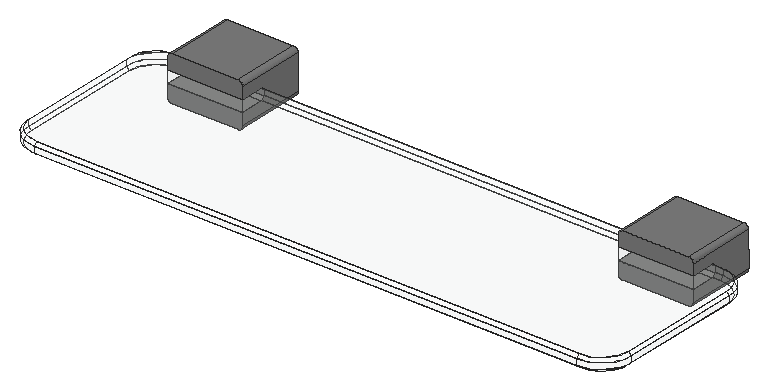
Revit family "RBA1631-606", category Plumbing Fixtures, Revit 2021
Family settings
  Round Connector Dimension = Use Diameter
  Part Type = Normal
  Work Plane-Based = No
  Always vertical = Yes
  Cut with Voids When Loaded = No
  Shared = Yes
  Room Calculation Point = No
Parameters
  Watermarked By = "www.rba.com.au"
  Waste Connection = yes
  Vent Connection = yes
  URL = ""
  Phone Number = ""
  Modified Issue = ""
  Model = "RBA1631-606"
  Materials and Finishes = PVD Gunmetal Finish Brass Bracket, Frosted Acrylic Shelf
  Manufacturer Model = ""
  Manufacturer = "RBA Group"  # constant formula
  HW Connection = yes
  Description = "ënda Accessible Compliant Shelf | PVD Gunmetal"
  Default Elevation = 0 mm
  Copyright by = "RBA Group"  # constant formula
  CW Connection = yes
Reference planes
  plane 1 "Center (Front/Back)": y = 0
  plane 2: z = 0
  plane 3 "Center (Left/Right)": x = 0
  plane 4: x = -141.15
  plane 5: x = -153.85
  plane 6: y = 147
Forms (mm)
  Extrusion 1, solid, material "Glass"
    sketch origin (0, 0, 95) x (1, 0, 0) y (0, 1, 0)
      loop
        arc (-177.5, 120) -> (-191.642, 114.142) -> (-197.5, 100) r 20
        line (-197.5, 100) -> (-197.5, 20)
        arc (-197.5, 20) -> (-191.642, 5.858) -> (-177.5, 0) r 20
        line (-177.5, 0) -> (177.5, 0)
        arc (177.5, 0) -> (191.642, 5.858) -> (197.5, 20) r 20
        line (197.5, 20) -> (197.5, 100)
        arc (197.5, 100) -> (191.642, 114.142) -> (177.5, 120) r 20
        line (177.5, 120) -> (-177.5, 120)
    from -99 to -91
  Sweep 2, void
    path origin (0, 0, 0) x (1, 0, 0) y (0, 1, 0)
      loop
        line (177.5, 120) -> (-177.5, 120)
        arc (-177.5, 120) -> (-191.642, 114.142) -> (-197.5, 100) r 20
        line (-197.5, 100) -> (-197.5, 20)
        arc (-197.5, 20) -> (-191.642, 5.858) -> (-177.5, 0) r 20
        line (-177.5, 0) -> (177.5, 0)
        arc (177.5, 0) -> (191.642, 5.858) -> (197.5, 20) r 20
        line (197.5, 20) -> (197.5, 100)
        arc (197.5, 100) -> (191.642, 114.142) -> (177.5, 120) r 20
    profile origin (0, 120, 0) x (0, -1, 0) y (0, 0, 1)
      loop
        line (2, 4) -> (-2.03, 4) -> (-2.03, -4) -> (2, -4) -> (0, -2) -> (0, 2) -> (2, 4)
  Extrusion 3, solid, material "PVD Gunmetal Finish Brass Bracket, Frosted Acrylic Shelf" <- "Materials and Finishes"
    sketch origin (0, 0, 0) x (1, 0, 0) y (0, 0, 1)
      loop
        line (-126, 14.5) -> (-169, 14.5)
        arc (-169, 14.5) -> (-171.121, 13.621) -> (-172, 11.5) r 3
        line (-172, 11.5) -> (-172, -11.5)
        arc (-172, -11.5) -> (-171.121, -13.621) -> (-169, -14.5) r 3
        line (-169, -14.5) -> (-126, -14.5)
        arc (-126, -14.5) -> (-123.879, -13.621) -> (-123, -11.5) r 3
        line (-123, -11.5) -> (-123, 11.5)
        arc (-123, 11.5) -> (-123.879, 13.621) -> (-126, 14.5) r 3
    from -147 to -102
  Extrusion 4, solid, material "PVD Gunmetal Finish Brass Bracket, Frosted Acrylic Shelf" <- "Materials and Finishes"
    sketch origin (0, 0, 0) x (-1, 0, 0) y (0, 0, -1)
      loop
        arc (-126, -14.5) -> (-123.879, -13.621) -> (-123, -11.5) r 3
        line (-123, -11.5) -> (-123, 11.5)
        arc (-123, 11.5) -> (-123.879, 13.621) -> (-126, 14.5) r 3
        line (-126, 14.5) -> (-169, 14.5)
        arc (-169, 14.5) -> (-171.121, 13.621) -> (-172, 11.5) r 3
        line (-172, 11.5) -> (-172, -11.5)
        arc (-172, -11.5) -> (-171.121, -13.621) -> (-169, -14.5) r 3
        line (-169, -14.5) -> (-126, -14.5)
    from -147 to -102
  Extrusion 5, void
    sketch origin (0, 0, 0) x (0, 1, 0) y (0, 0, 1)
      loop
        line (118, 4) -> (102, 4) -> (102, -4) -> (118, -4) -> (120, -2) -> (120, 2) -> (118, 4)
    from -172 to -123
  Extrusion 6, void
    sketch origin (145, 0, 0) x (0, 1, 0) y (0, 0, 1)
      loop
        line (118, 4) -> (102, 4) -> (102, -4) -> (118, -4) -> (120, -2) -> (120, 2) -> (118, 4)
    from -22 to 27
Cuts and joins
  Extrusion 5, Extrusion 6 cuts Extrusion 3
  Extrusion 6 cuts Extrusion 4
  joined: Extrusion 3, Extrusion 4
  Sweep 2, Extrusion 5, Extrusion 6 cuts Extrusion 1
Dimensions and locks
  aligned and locked: plane 2 to level
